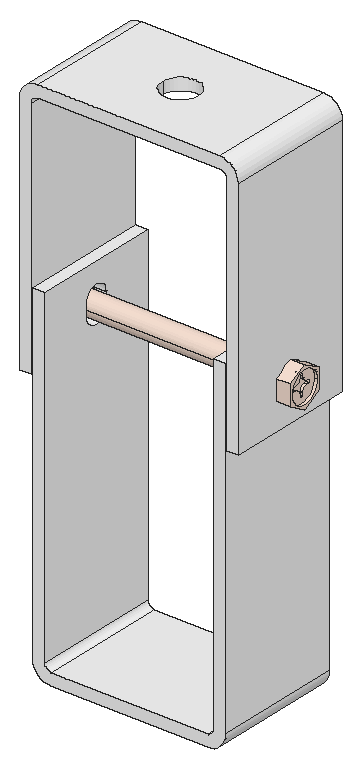
Revit family "boxhanger_75x45x15", category 機械設備, Revit 2022
Family settings
  丸型コネクタ寸法 = 直径を使用
  種別 = なし
  パーツ タイプ = 標準
  作業面ベース = いいえ
  常に垂直 = はい
  ロード時にボイドで切り取り = いいえ
  注釈の向きを維持 = いいえ
  共有 = いいえ
  部屋計算ポイント = いいえ
Parameters
  製造元 = "株式会社桐井製作所"
  既定の高さ = 0 mm
  URL = "https://www.kirii.co.jp/"
  K_角度 [instance] = 90.00°
  K_材質 = "SGHC　一般用"
  K_品名 = "75×45×15ボックスハンガー"
  K_名称 = "その他ハンガー"
  K_入数 = "50"
  K_バージョン情報 = "20211012"
  K_めっき付着量 = "Z12"
  K_JIS規格 = "JIS G 3302"
Reference planes
  plane 1 "中心(正面/背面)": y = 0
  plane 2: z = 0
  plane 3 "中心(左/右)": x = 0
Dimensions and locks
  "K_角度": angle nested 1 to plane 2
  aligned and locked: level to plane 2
Nested families
  nested 1: "75BOXハンガー下部金具" at (0, 0, 0), type "75BOXハンガー下部金具"
  nested 2: "75BOXハンガー上部金具" at (0, 0, 0), type "75BOXハンガー上部金具"
Definition of nested family "75BOXハンガー下部金具"
  Parameters (values of type "75BOXハンガー下部金具")
    Manufacturer = "株式会社桐井製作所"
    Default Elevation = 0 mm
    URL = "https://www.kirii.co.jp/"
    K_名称 = "75ボックスハンガー下部金具"
    K_バージョン情報 = "20211012"
  Reference planes
    plane 1 "中心(正面/背面)": y = 0
    plane 2: z = 0
    plane 3 "中心(左/右)": x = 0
  Forms (mm)
    Extrusion 1, solid
      sketch origin (0, 0, 10.261) x (1, 0, 0) y (0, 0, 1)
        loop
          line (-26.2, 0.239) -> (-26.2, -89.761)
          arc (-26.2, -89.761) -> (-24.736, -93.297) -> (-21.2, -94.761) r 5
          line (-21.2, -94.761) -> (21.2, -94.761)
          arc (21.2, -94.761) -> (24.736, -93.297) -> (26.2, -89.761) r 5
          line (26.2, -89.761) -> (26.2, 0.239) -> (23, 0.239) -> (23, -89.761)
          arc (23, -89.761) -> (22.473, -91.034) -> (21.2, -91.561) r 1.8
          line (21.2, -91.561) -> (-21.2, -91.561)
          arc (-21.2, -91.561) -> (-22.473, -91.034) -> (-23, -89.761) r 1.8
          line (-23, -89.761) -> (-23, 0.239) -> (-26.2, 0.239)
      from -17.5 to 17.5
    Extrusion 2, void
      sketch origin (0, 0, 0) x (0, 1, 0) y (0, 0, 1)
        loop
          arc (3.5, 1.5) -> (0, 5) -> (-3.5, 1.5) r 3.5
          line (-3.5, 1.5) -> (-3.5, -1.5)
          arc (-3.5, -1.5) -> (0, -5) -> (3.5, -1.5) r 3.5
          line (3.5, -1.5) -> (3.5, 1.5)
      from 23 to 26.2
    Extrusion 3, void
      sketch origin (-34.2, 0, 0) x (0, 1, 0) y (0, 0, 1)
        loop
          arc (3.5, 1.5) -> (0, 5) -> (-3.5, 1.5) r 3.5
          line (-3.5, 1.5) -> (-3.5, -1.5)
          arc (-3.5, -1.5) -> (0, -5) -> (3.5, -1.5) r 3.5
          line (3.5, -1.5) -> (3.5, 1.5)
      from 8 to 11.2
  Cuts and joins
    Extrusion 2, Extrusion 3 cuts Extrusion 1
  Dimensions and locks
    aligned and locked: level to plane 2
  Nested families
    nested 1: "M6ナット" at (-33.7, 0.011, 0) x (0, 1, 0) z (0, 0, 1), type "M6ナット"
    nested 2: "M6×70ボルト" at (29.7, 0.011, 0) x (0, 1, 0) z (0, 0, 1), type "M6×70ボルト"
  Definition of nested family "M6ナット"
    Parameters (values of type "M6ナット")
      Manufacturer = "株式会社桐井製作所"
      Default Elevation = 0 mm
      URL = "https://www.kirii.co.jp/"
      K_名称 = "M6ナット"
    Reference planes
      plane 1 "中心(正面/背面)": y = 0
      plane 2: z = 0
      plane 3 "中心(左/右)": x = 0
      plane 4 "正面": y = -4
    Forms (mm)
      Extrusion 1, solid
        sketch origin (0, 0, 0) x (1, 0, 0) y (0, 0, 1)
          loop
            line (-4.763, -2.946) -> (0, -5.696) -> (4.763, -2.946) -> (4.763, 2.554) -> (0, 5.304) -> (-4.763, 2.554) -> (-4.763, -2.946)
        from 0 to 4
      Extrusion 2, void
        sketch origin (0, 0, 0) x (1, 0, 0) y (0, 0, 1)
          loop
            circle (-0.011, -0.2) r 3
        from 0 to 4
    Cuts and joins
      Extrusion 2 cuts Extrusion 1
    Dimensions and locks
      aligned and locked: level to plane 2
  Definition of nested family "M6×70ボルト"
    Parameters (values of type "M6×70ボルト")
      Manufacturer = "株式会社桐井製作所"
      Default Elevation = 0 mm
      URL = "https://www.kirii.co.jp/"
      K_名称 = "M6×70ボルト"
    Reference planes
      plane 1 "中心(正面/背面)": y = 0
      plane 2: z = 0
      plane 3 "中心(左/右)": x = 0
      plane 4 "正面": y = -4
    Forms (mm)
      Extrusion 1, solid
        sketch origin (0, 0, 0) x (1, 0, 0) y (0, 0, 1)
          loop
            line (-4.763, -2.946) -> (0, -5.696) -> (4.763, -2.946) -> (4.763, 2.554) -> (0, 5.304) -> (-4.763, 2.554) -> (-4.763, -2.946)
        from 0 to 4
      Extrusion 2, void
        sketch origin (0, -4, 0) x (-1, 0, 0) y (0, 0, 1)
          loop
            circle (0, -0.156) r 4.396
        from 0 to 1
      Extrusion 3, void
        sketch origin (0, -4, 0) x (-1, 0, 0) y (0, 0, 1)
          loop
            arc (-0.6, 1.814) -> (-1.069, 0.856) -> (-2.036, 0.404) r 1.605
            line (-2.036, 0.404) -> (-2.939, 0.404)
            arc (-2.939, 0.404) -> (-3, -0.195) -> (-2.94, -0.795) r 3
            line (-2.94, -0.795) -> (-2.049, -0.795)
            arc (-2.049, -0.795) -> (-1.074, -1.243) -> (-0.6, -2.206) r 1.605
            line (-0.6, -2.206) -> (-0.6, -3.135)
            arc (-0.6, -3.135) -> (0, -3.196) -> (0.6, -3.135) r 3
            line (0.6, -3.135) -> (0.6, -2.206)
            arc (0.6, -2.206) -> (1.074, -1.243) -> (2.049, -0.795) r 1.605
            line (2.049, -0.795) -> (2.94, -0.795)
            arc (2.94, -0.795) -> (3, -0.198) -> (2.941, 0.398) r 3
            line (2.941, 0.398) -> (2.117, 0.398)
            arc (2.117, 0.398) -> (1.098, 0.828) -> (0.6, 1.814) r 1.605
            line (0.6, 1.814) -> (0.6, 2.743)
            arc (0.6, 2.743) -> (0, 2.804) -> (-0.6, 2.743) r 3
            line (-0.6, 2.743) -> (-0.6, 1.814)
        from 0 to 2
      Extrusion 4, solid
        sketch origin (0, 0, 0) x (1, 0, 0) y (0, 0, 1)
          loop
            circle (-0.011, -0.2) r 3
        from 0 to -70
    Cuts and joins
      Extrusion 2, Extrusion 3 cuts Extrusion 1
      joined: Extrusion 1, Extrusion 4
    Dimensions and locks
      aligned and locked: level to plane 2
Definition of nested family "75BOXハンガー上部金具"
  Parameters (values of type "75BOXハンガー上部金具")
    Manufacturer = "株式会社桐井製作所"
    Default Elevation = 0 mm
    URL = "https://www.kirii.co.jp/"
    K_名称 = "75ボックスハンガー上部金具"
    K_バージョン情報 = "20211012"
  Reference planes
    plane 1 "中心(正面/背面)": y = 0
    plane 2: z = 0
    plane 3 "中心(左/右)": x = 0
  Forms (mm)
    Extrusion 1, solid
      sketch origin (0, 0, 0) x (1, 0, 0) y (0, 0, 1)
        loop
          line (-29.7, -10.5) -> (-26.5, -10.5) -> (-26.5, 55.5)
          arc (-26.5, 55.5) -> (-25.973, 56.773) -> (-24.7, 57.3) r 1.8
          line (-24.7, 57.3) -> (24.7, 57.3)
          arc (24.7, 57.3) -> (25.973, 56.773) -> (26.5, 55.5) r 1.8
          line (26.5, 55.5) -> (26.5, -10.5) -> (29.7, -10.5) -> (29.7, 55.5)
          arc (29.7, 55.5) -> (28.236, 59.036) -> (24.7, 60.5) r 5
          line (24.7, 60.5) -> (-24.7, 60.5)
          arc (-24.7, 60.5) -> (-28.236, 59.036) -> (-29.7, 55.5) r 5
          line (-29.7, 55.5) -> (-29.7, -10.5)
      from -17.5 to 17.5
    Extrusion 2, void
      sketch origin (0, 0, 0) x (0, 1, 0) y (0, 0, 1)
        loop
          arc (3.5, 1.5) -> (0, 5) -> (-3.5, 1.5) r 3.5
          line (-3.5, 1.5) -> (-3.5, -1.5)
          arc (-3.5, -1.5) -> (0, -5) -> (3.5, -1.5) r 3.5
          line (3.5, -1.5) -> (3.5, 1.5)
      from 26.5 to 29.7
    Extrusion 3, void
      sketch origin (-41.2, 0, 0) x (0, 1, 0) y (0, 0, 1)
        loop
          arc (3.5, 1.5) -> (0, 5) -> (-3.5, 1.5) r 3.5
          line (-3.5, 1.5) -> (-3.5, -1.5)
          arc (-3.5, -1.5) -> (0, -5) -> (3.5, -1.5) r 3.5
          line (3.5, -1.5) -> (3.5, 1.5)
      from 11.5 to 14.7
    Extrusion 4, void
      sketch origin (0, 0, 0) x (1, 0, 0) y (0, 1, 0)
        loop
          circle (0, 0) r 5
      from 57.3 to 60.5
  Cuts and joins
    Extrusion 2, Extrusion 3, Extrusion 4 cuts Extrusion 1
  Dimensions and locks
    aligned and locked: level to plane 2
